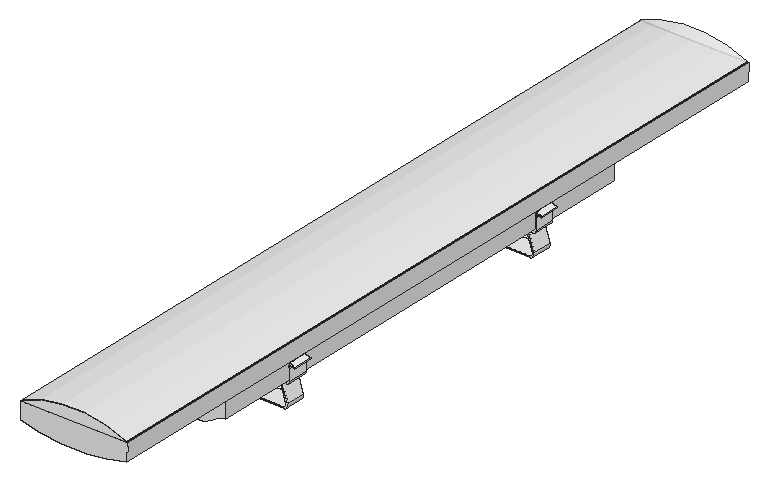
Revit family "Lighting-Industrial-GEWISS-SMART[3]PLUS-WATERTIGHT-LED_OPAL_800mm", category Apparecchi per illuminazione, host Superficie, Revit 2019
Family settings
  Host = Superficie
  Quota connettore circolare = Usa diametro
  Tipo di parte = Normale
  Taglio con vuoti quando caricato = No
  Sorgente d'illuminazione = Sì
  Condiviso = No
  Punto di calcolo locali = No
Parameters (values of type "GWS3123AP957 - SMART3 PLUS 800 T.W.DALI HE OPAL 9 57")
  visibilita etichetta [instance] = yes
  Working temperature = "-25 +50 °C"
  Weight (kg): = ""
  Wattage = 27 W
  Warranty = "5 years"
  Voltage = "220-240 V "
  Version file RFA = "20.0"
  Variazione temperatura colore lampada con luminosità attenuata = (empty or 0)
  URL = "https://www.gewiss.com/ww/en"
  Typology = "DALI"
  Type of light source = "LED - Not replaceable"
  built-in parameter 1150107 = 5700 (stored number, unit not read)
  Technical sheet = "https://www.gewiss.com/ww/en/search?q=GWS3123AP957"
  System power = "26 W"
  Struttura = GEWISS - SMART 3 - GRIGIO
  Stampa 1_200 = no
  Stampa 1_100 = not(Stampa 1_200)  # yes
  Shock resistance = "IK08"
  Shield type = "Opal"
  Schermo. = Gewiss - Led Acceso
  SEO = "Ceiling"
  Realized by GEWISS S.p.A. = ""
  Default Elevation = 1219.2 mm
  Produttore = "GEWISS S.p.A."
  built-in parameter 1150110 = 1 (stored number, unit not read)
  built-in parameter 1150109 = 1 (stored number, unit not read)
  built-in parameter 1114218 = 1 (stored number, unit not read)
  built-in parameter 1150112 = 1 (stored number, unit not read)
  Operating temperature: = "-25 +50 °C"
  Nominal flux (lm) = ""
  No. LED (#) = ""
  Modello = "GWS3123AP957"
  built-in parameter 1150137 = (empty or 0)
  built-in parameter 1150132 = (empty or 0)
  Lunghezza Lampada = 800 mm  # constant formula
  Lumen output (lm) = "2700"
  Length = "800 mm"
  Lampada = "LED"
  Lamp = "LED"
  LED LifeTime (L80B20) = ""
  LED Life time (L80B50) = ""
  LED Life time (L70) = ""
  LED Life Time (L90B50) = ""
  built-in parameter 1150105 = 1406.7 (stored number, unit not read)
  built-in parameter 1150102 = (empty or 0)
  Insulation class = "II"
  Immagine tipo = GWS3118P.jpg
  built-in parameter 1150106 = 14.067 (stored number, unit not read)
  IP degree = "IP66/IP69"
  IFC.TypeObject = ""
  IFC.ExportType = ""
  IFC.ExportAs = ""
  IDT = "19b5daac-664e-44b9-8ac3-cb33faf625fb"
  IDF = "ae53e4e2-e5c7-4ff7-9a9e-bbf61f92d9d9"
  Glow Wire Test = "850°C"
  Ganci = GEWISS  - ALLUMINIO
  Lumens = 4010.63 lm
  Color Filter = 16777215
  File diagramma fotometrico = "GWS3123AP957.IES"
  built-in parameter 1114217 = 1 (stored number, unit not read)
  built-in parameter 1150139 = (empty or 0)
  Failure rate apparecchio (50.000h, Tq=25Â° C) = ""
  Failure rate apparecchio (35.000h, Tq=35Â° C) = ""
  Emetti da lunghezza linea = 700 mm
  Electrocod = "2434"
  Efficiency class of integrated LEDs = "A ÷ A++"
  built-in parameter 1150104 = 13.8 (stored number, unit not read)
  Spostamento_Y_effettivo_etichetta [instance] = 1500 mm - Spostamento_Y_etichetta  # 1500 mm
  Spostamento_X_effettivo_etichetta [instance] = 1500 mm - Spostamento_X_etichetta  # 1500 mm
  Spostamento_Y_etichetta [instance] = 0 mm
  Spostamento_X_etichetta [instance] = 0 mm
  EAN code = ""
  Driver type = ""
  built-in parameter 1150115 = 1 (stored number, unit not read)
  built-in parameter 1150114 = 1 (stored number, unit not read)
  built-in parameter 1150113 = 1 (stored number, unit not read)
  Device with reduced surface temperature = ""
  Descrizione = "SMART3 PLUS 800 T.W.DALI HE OPAL 9 57"
  Commenti sul wattaggio = "27W"
  Colour temperature: = "5700 K (CRI > 90)"
  Colour temperature = "5700 K (CRI > 90)"
  built-in parameter 1150134 = (empty or 0)
  built-in parameter 1150138 = (empty or 0)
  Catalogue Range = "SMART[3] PLUS"
  Catalogue = "LIGHTING"
  Carico apparente = 27 VA
  COBie.Tagnumber = ""
  COBie.CreatedOn = ""
  COBie.CreatebBy = ""
  COBie.ComponentRegisterItemID = ""
  COBie.Component.TagNumber = ""
  COBie.Component.Space = ""
  COBie.Component.SerialNumber = ""
  COBie.Component.InstallationDate = ""
  COBie.Component.Description = ""
  COBie.Component.BarCode = ""
  Application = "Indoor"
  Tilt Angle = -90.00°
  built-in parameter 1150133 = 10 (stored number, unit not read)
Types (24, lengths in mm): name | Wattage | Typology | built-in parameter 1150107 | Technical sheet | System power | Modello | built-in parameter 1150132 | Lumen output (lm) | built-in parameter 1150105 | built-in parameter 1150106 | IDT | Lumens | File diagramma fotometrico | Descrizione | Commenti sul wattaggio | Colour temperature: | Colour temperature | built-in parameter 1150134 | Carico apparente
  GWS3120AP830 - SMART3 PLUS 800 ON/OFF HE OPAL 8 30 | 10.3674 W | "" | 4000 (stored number, unit not read) | "https://www.gewiss.com/ww/en/search?q=GWS3120AP830" | "25 W" | "GWS3120AP830" | 2 | "3200" | 526.2 (stored number, unit not read) | 5.262 (stored number, unit not read) | "41df13f7-a35f-46af-b6b9-4fe07d2042e2" | 1540 lm | "GWS3120AP830.IES" | "SMART3 PLUS 800 ON/OFF HE OPAL 8 30" | "15W" | "3000 K (CRI > 80)" | "3000 K (CRI > 80)" | 12 | 15 VA
  GWS3120AP840 - SMART3 PLUS 800 ON/OFF HE OPAL 8 40 | 27.8321 W | "" | 3000 (stored number, unit not read) | "https://www.gewiss.com/ww/en/search?q=GWS3120AP840" | "25 W" | "GWS3120AP840" | 1 | "3400" | 1450 (stored number, unit not read) | 14.5 (stored number, unit not read) | "68b6bbe2-e4d4-4f10-b2ef-12d389c55e50" | 4134.23 lm | "GWS3120AP840.IES" | "SMART3 PLUS 800 ON/OFF HE OPAL 8 40" | "15W" | "4000 K (CRI > 80)" | "4000 K (CRI > 80)" | (empty or 0) | 15 VA
  GWS3120AP857 - SMART3 PLUS 800 ON/OFF HE OPAL 8 57 | 10.3674 W | "" | 5700 (stored number, unit not read) | "https://www.gewiss.com/ww/en/search?q=GWS3120AP857" | "25 W" | "GWS3120AP857" | 2 | "3400" | 122.55 (stored number, unit not read) | 1.2255 (stored number, unit not read) | "bf7d45e4-363e-44eb-b67e-94a0d55a0067" | 1540 lm | "GWS3120AP857.IES" | "SMART3 PLUS 800 ON/OFF HE OPAL 8 57" | "15W" | "5700 K (CRI > 80)" | "5700 K (CRI > 80)" | (empty or 0) | 15 VA
  GWS3121AP830 - SMART3 PLUS 800 DALI HE OPAL 8 30 | 20.129 W | "DALI" | 4000 (stored number, unit not read) | "https://www.gewiss.com/ww/en/search?q=GWS3121AP830" | "26 W" | "GWS3121AP830" | 2 | "3200" | 1021.7 (stored number, unit not read) | 10.217 (stored number, unit not read) | "6c051478-0f64-4fef-9e80-ecff5013ee92" | 2990 lm | "GWS3121AP830.IES" | "SMART3 PLUS 800 DALI HE OPAL 8 30" | "26W" | "3000 K (CRI > 80)" | "3000 K (CRI > 80)" | 12 | 26 VA
  GWS3121AP940 - SMART3 PLUS 800 DALI HE OPAL 9 40 | 27 W | "DALI" | 3000 (stored number, unit not read) | "https://www.gewiss.com/ww/en/search?q=GWS3121AP940" | "26 W" | "GWS3121AP940" | (empty or 0) | "2700" | 1406.7 (stored number, unit not read) | 14.067 (stored number, unit not read) | "db62efbe-40d5-4e2d-8878-6147976bb04c" | 4010.63 lm | "GWS3121AP940.IES" | "SMART3 PLUS 800 DALI HE OPAL 9 40" | "26W" | "4000 K (CRI > 90)" | "4000 K (CRI > 90)" | (empty or 0) | 26 VA
  GWS3121AP840 - SMART3 PLUS 800 DALI HE OPAL 8 40 | 27 W | "DALI" | 5700 (stored number, unit not read) | "https://www.gewiss.com/ww/en/search?q=GWS3121AP840" | "26 W" | "GWS3121AP840" | 2 | "3400" | 319.16 (stored number, unit not read) | 3.1916 (stored number, unit not read) | "5f3d637b-d916-4b36-93c7-55954645e9e3" | 4010.63 lm | "GWS3121AP840.IES" | "SMART3 PLUS 800 DALI HE OPAL 8 40" | "26W" | "4000 K (CRI > 80)" | "4000 K (CRI > 80)" | (empty or 0) | 26 VA
  GWS3120AP930 - SMART3 PLUS 800 ON/OFF HE OPAL 9 30 | 57.3913 W | "" | 4000 (stored number, unit not read) | "https://www.gewiss.com/ww/en/search?q=GWS3120AP930" | "25 W" | "GWS3120AP930" | 1 | "2500" | 2990 (stored number, unit not read) | 29.9 (stored number, unit not read) | "d5e969d5-ecfc-4b7d-b66d-e9a89e20f0d3" | 8525.02 lm | "GWS3120AP930.IES" | "SMART3 PLUS 800 ON/OFF HE OPAL 9 30" | "18W" | "3000 K (CRI > 90)" | "3000 K (CRI > 90)" | 12 | 18 VA
  GWS3120AP940 - SMART3 PLUS 800 ON/OFF HE OPAL 9 40 | 9.76155 W | "" | 3000 (stored number, unit not read) | "https://www.gewiss.com/ww/en/search?q=GWS3120AP940" | "25 W" | "GWS3120AP940" | 2 | "2700" | 508.56 (stored number, unit not read) | 5.0856 (stored number, unit not read) | "87753b80-d22e-4233-a506-c84448c428cd" | 1450 lm | "GWS3120AP940.IES" | "SMART3 PLUS 800 ON/OFF HE OPAL 9 40" | "18W" | "4000 K (CRI > 90)" | "4000 K (CRI > 90)" | (empty or 0) | 18 VA
  GWS3120AP957 - SMART3 PLUS 800 ON/OFF HE OPAL 9 57 | 10.3674 W | "" | 5700 (stored number, unit not read) | "https://www.gewiss.com/ww/en/search?q=GWS3120AP957" | "25 W" | "GWS3120AP957" | 2 | "2700" | 540.13 (stored number, unit not read) | 5.4013 (stored number, unit not read) | "b307ad47-c02e-497a-9f20-d355821715eb" | 1540 lm | "GWS3120AP957.IES" | "SMART3 PLUS 800 ON/OFF HE OPAL 9 57" | "18W" | "5700 K (CRI > 90)" | "5700 K (CRI > 90)" | (empty or 0) | 18 VA
  GWS3121AP857 - SMART3 PLUS 800 DALI HE OPAL 8 57 | 27.0067 W | "DALI" | 2990 (stored number, unit not read) | "https://www.gewiss.com/ww/en/search?q=GWS3121AP857" | "26 W" | "GWS3121AP857" | 2 | "3400" | 1407 (stored number, unit not read) | 14.07 (stored number, unit not read) | "61efcb1f-1166-44ca-b879-d6ffeb69e147" | 4011.63 lm | "GWS3121AP857.IES" | "SMART3 PLUS 800 DALI HE OPAL 8 57" | "27W" | "5700 K (CRI > 80)" | "5700 K (CRI > 80)" | (empty or 0) | 27 VA
  GWS3121AP930 - SMART3 PLUS 800 DALI HE OPAL 9 30 | 27 W | "DALI" | 3000 (stored number, unit not read) | "https://www.gewiss.com/ww/en/search?q=GWS3121AP930" | "26 W" | "GWS3121AP930" | 2 | "2500" | 1406.7 (stored number, unit not read) | 14.067 (stored number, unit not read) | "901fcc65-4c08-46ac-b4ad-b72ba1a957e4" | 4010.63 lm | "GWS3121AP930.IES" | "SMART3 PLUS 800 DALI HE OPAL 9 30" | "27W" | "3000 K (CRI > 90)" | "3000 K (CRI > 90)" | (empty or 0) | 27 VA
  GWS3121AP957 - SMART3 PLUS 800 DALI HE OPAL 9 57 | 27 W | "DALI" | 5700 (stored number, unit not read) | "https://www.gewiss.com/ww/en/search?q=GWS3121AP957" | "26 W" | "GWS3121AP957" | (empty or 0) | "2700" | 1406.7 (stored number, unit not read) | 14.067 (stored number, unit not read) | "993f22a8-5b78-43a1-b9c3-3b4cf2e8bca6" | 4010.63 lm | "GWS3121AP957.IES" | "SMART3 PLUS 800 DALI HE OPAL 9 57" | "27W" | "5700 K (CRI > 90)" | "5700 K (CRI > 90)" | (empty or 0) | 27 VA
  GWS3122AP830 - SMART3 PLUS 800 T.W.ON/OFF HE OPAL 8 30 | 27 W | "" | 5700 (stored number, unit not read) | "https://www.gewiss.com/ww/en/search?q=GWS3122AP830" | "25 W" | "GWS3122AP830" | (empty or 0) | "3200" | 1406.7 (stored number, unit not read) | 14.067 (stored number, unit not read) | "c40fde0e-cbda-4889-84e4-054f07af26c0" | 4010.63 lm | "GWS3122AP830.IES" | "SMART3 PLUS 800 T.W.ON/OFF HE OPAL 8 30" | "27W" | "3000 K (CRI > 80)" | "3000 K (CRI > 80)" | (empty or 0) | 27 VA
  GWS3122AP840 - SMART3 PLUS 800 T.W.ON/OFF HE OPAL 8 40 | 27 W | "" | 5700 (stored number, unit not read) | "https://www.gewiss.com/ww/en/search?q=GWS3122AP840" | "25 W" | "GWS3122AP840" | (empty or 0) | "3400" | 1406.7 (stored number, unit not read) | 14.067 (stored number, unit not read) | "30f29192-a0b4-47de-9bed-34404bbf8a01" | 4010.63 lm | "GWS3122AP840.IES" | "SMART3 PLUS 800 T.W.ON/OFF HE OPAL 8 40" | "27W" | "4000 K (CRI > 80)" | "4000 K (CRI > 80)" | (empty or 0) | 27 VA
  GWS3122AP857 - SMART3 PLUS 800 T.W.ON/OFF HE OPAL 8 57 | 27 W | "" | 5700 (stored number, unit not read) | "https://www.gewiss.com/ww/en/search?q=GWS3122AP857" | "25 W" | "GWS3122AP857" | (empty or 0) | "3400" | 1406.7 (stored number, unit not read) | 14.067 (stored number, unit not read) | "afe5e3ad-7fe4-4055-aaad-9277677c6417" | 4010.63 lm | "GWS3122AP857.IES" | "SMART3 PLUS 800 T.W.ON/OFF HE OPAL 8 57" | "27W" | "5700 K (CRI > 80)" | "5700 K (CRI > 80)" | (empty or 0) | 27 VA
  GWS3122AP930 - SMART3 PLUS 800 T.W.ON/OFF HE OPAL 9 30 | 27 W | "" | 5700 (stored number, unit not read) | "https://www.gewiss.com/ww/en/search?q=GWS3122AP930" | "25 W" | "GWS3122AP930" | (empty or 0) | "2500" | 1406.7 (stored number, unit not read) | 14.067 (stored number, unit not read) | "dd1aea22-f426-434b-a12c-a83233e72915" | 4010.63 lm | "GWS3122AP930.IES" | "SMART3 PLUS 800 T.W.ON/OFF HE OPAL 9 30" | "27W" | "3000 K (CRI > 90)" | "3000 K (CRI > 90)" | (empty or 0) | 27 VA
  GWS3122AP940 - SMART3 PLUS 800 T.W.ON/OFF HE OPAL 9 40 | 27 W | "" | 5700 (stored number, unit not read) | "https://www.gewiss.com/ww/en/search?q=GWS3122AP940" | "25 W" | "GWS3122AP940" | (empty or 0) | "2700" | 1406.7 (stored number, unit not read) | 14.067 (stored number, unit not read) | "d9c366e7-499f-415b-9192-804a44f70bf1" | 4010.63 lm | "GWS3122AP940.IES" | "SMART3 PLUS 800 T.W.ON/OFF HE OPAL 9 40" | "27W" | "4000 K (CRI > 90)" | "4000 K (CRI > 90)" | (empty or 0) | 27 VA
  GWS3122AP957 - SMART3 PLUS 800 T.W.ON/OFF HE OPAL 9 57 | 27 W | "" | 5700 (stored number, unit not read) | "https://www.gewiss.com/ww/en/search?q=GWS3122AP957" | "25 W" | "GWS3122AP957" | (empty or 0) | "2700" | 1406.7 (stored number, unit not read) | 14.067 (stored number, unit not read) | "a55ce364-830c-4dd1-b528-d51079bef1e1" | 4010.63 lm | "GWS3122AP957.IES" | "SMART3 PLUS 800 T.W.ON/OFF HE OPAL 9 57" | "27W" | "5700 K (CRI > 90)" | "5700 K (CRI > 90)" | (empty or 0) | 27 VA
  GWS3123AP830 - SMART3 PLUS 800 T.W.DALI HE OPAL 8 30 | 27 W | "DALI" | 5700 (stored number, unit not read) | "https://www.gewiss.com/ww/en/search?q=GWS3123AP830" | "26 W" | "GWS3123AP830" | (empty or 0) | "3200" | 1406.7 (stored number, unit not read) | 14.067 (stored number, unit not read) | "74e05751-bccc-4f84-99a1-ba0ac6ee2ecd" | 4010.63 lm | "GWS3123AP830.IES" | "SMART3 PLUS 800 T.W.DALI HE OPAL 8 30" | "27W" | "3000 K (CRI > 80)" | "3000 K (CRI > 80)" | (empty or 0) | 27 VA
  GWS3123AP840 - SMART3 PLUS 800 T.W.DALI HE OPAL 8 40 | 27 W | "DALI" | 5700 (stored number, unit not read) | "https://www.gewiss.com/ww/en/search?q=GWS3123AP840" | "26 W" | "GWS3123AP840" | (empty or 0) | "3400" | 1406.7 (stored number, unit not read) | 14.067 (stored number, unit not read) | "42fe6361-5d30-4e57-a4e4-3b6eb1f38e01" | 4010.63 lm | "GWS3123AP840.IES" | "SMART3 PLUS 800 T.W.DALI HE OPAL 8 40" | "27W" | "4000 K (CRI > 80)" | "4000 K (CRI > 80)" | (empty or 0) | 27 VA
  GWS3123AP857 - SMART3 PLUS 800 T.W.DALI HE OPAL 8 57 | 27 W | "DALI" | 5700 (stored number, unit not read) | "https://www.gewiss.com/ww/en/search?q=GWS3123AP857" | "26 W" | "GWS3123AP857" | (empty or 0) | "3400" | 1406.7 (stored number, unit not read) | 14.067 (stored number, unit not read) | "d6c2e38e-d755-456b-8f21-377f18e15fca" | 4010.63 lm | "GWS3123AP857.IES" | "SMART3 PLUS 800 T.W.DALI HE OPAL 8 57" | "27W" | "5700 K (CRI > 80)" | "5700 K (CRI > 80)" | (empty or 0) | 27 VA
  GWS3123AP930 - SMART3 PLUS 800 T.W.DALI HE OPAL 9 30 | 27 W | "DALI" | 5700 (stored number, unit not read) | "https://www.gewiss.com/ww/en/search?q=GWS3123AP930" | "26 W" | "GWS3123AP930" | (empty or 0) | "2500" | 1406.7 (stored number, unit not read) | 14.067 (stored number, unit not read) | "11e74343-124c-42cd-a2f5-87544f5df28c" | 4010.63 lm | "GWS3123AP930.IES" | "SMART3 PLUS 800 T.W.DALI HE OPAL 9 30" | "27W" | "3000 K (CRI > 90)" | "3000 K (CRI > 90)" | (empty or 0) | 27 VA
  GWS3123AP940 - SMART3 PLUS 800 T.W.DALI HE OPAL 9 40 | 27 W | "DALI" | 5700 (stored number, unit not read) | "https://www.gewiss.com/ww/en/search?q=GWS3123AP940" | "26 W" | "GWS3123AP940" | (empty or 0) | "2700" | 1406.7 (stored number, unit not read) | 14.067 (stored number, unit not read) | "cae3e2e2-b64b-4953-8509-fac4d79f319a" | 4010.63 lm | "GWS3123AP940.IES" | "SMART3 PLUS 800 T.W.DALI HE OPAL 9 40" | "27W" | "4000 K (CRI > 90)" | "4000 K (CRI > 90)" | (empty or 0) | 27 VA
  GWS3123AP957 - SMART3 PLUS 800 T.W.DALI HE OPAL 9 57 | 27 W | "DALI" | 5700 (stored number, unit not read) | "https://www.gewiss.com/ww/en/search?q=GWS3123AP957" | "26 W" | "GWS3123AP957" | (empty or 0) | "2700" | 1406.7 (stored number, unit not read) | 14.067 (stored number, unit not read) | "19b5daac-664e-44b9-8ac3-cb33faf625fb" | 4010.63 lm | "GWS3123AP957.IES" | "SMART3 PLUS 800 T.W.DALI HE OPAL 9 57" | "27W" | "5700 K (CRI > 90)" | "5700 K (CRI > 90)" | (empty or 0) | 27 VA
Reference planes
  plane 1 "Centro (Fronte/Retro)": y = 0
  plane 2: z = 0
  plane 3 "Centro (Sinistra/Destra)": x = 0
  plane 4: x = -1500
  plane 5: y = -1500
  plane 6: y = 0
  plane 7: x = 0
Forms (mm)
  Extrusion 1, solid, material "GEWISS  - ALLUMINIO" <- "Ganci", detail levels medium+fine
    sketch origin (0, 0, 0) x (1, 0, 0) y (0, 0, 1)
      loop
        arc (31.431, -0.002) -> (34.576, 1.589) -> (35.156, 5.066) r 3.903
        line (35.156, 5.066) -> (29.612, 23.211)
        arc (29.612, 23.211) -> (29.883, 24.381) -> (31.032, 24.73) r 1.2
        line (31.032, 24.73) -> (34.307, 23.974)
        arc (34.307, 23.974) -> (36.765, 24.53) -> (37.859, 26.8) r 2.9
        line (37.859, 26.8) -> (37.859, 38.8)
        arc (37.859, 38.8) -> (37.648, 39.694) -> (37.059, 40.4) r 2
        line (37.059, 40.4) -> (37.059, 42.71) -> (42.889, 40.588) -> (43.231, 41.528) -> (37.53, 43.603)
        arc (37.53, 43.603) -> (37.019, 43.613) -> (36.605, 43.311) r 0.8
        line (36.605, 43.311) -> (36.306, 26.139)
        arc (36.306, 26.139) -> (35.6, 25.444) -> (34.616, 25.34) r 1.5
        line (34.616, 25.34) -> (31.344, 26.095)
        arc (31.344, 26.095) -> (28.858, 25.335) -> (28.273, 22.802) r 2.6
        line (28.273, 22.802) -> (33.827, 4.636)
        arc (33.827, 4.636) -> (33.449, 2.415) -> (31.438, 1.4) r 2.5
        line (31.438, 1.4) -> (-31.437, 1.4)
        arc (-31.437, 1.4) -> (-33.449, 2.415) -> (-33.827, 4.636) r 2.5
        line (-33.827, 4.636) -> (-28.273, 22.802)
        arc (-28.273, 22.802) -> (-28.858, 25.335) -> (-31.344, 26.095) r 2.6
        line (-31.344, 26.095) -> (-34.616, 25.34)
        arc (-34.616, 25.34) -> (-35.6, 25.444) -> (-36.306, 26.139) r 1.5
        line (-36.306, 26.139) -> (-36.605, 43.311)
        arc (-36.605, 43.311) -> (-37.019, 43.613) -> (-37.53, 43.603) r 0.8
        line (-37.53, 43.603) -> (-43.203, 41.538) -> (-42.861, 40.598) -> (-37.059, 42.71) -> (-37.059, 40.4)
        arc (-37.059, 40.4) -> (-37.648, 39.694) -> (-37.859, 38.8) r 2
        line (-37.859, 38.8) -> (-37.859, 26.8)
        arc (-37.859, 26.8) -> (-36.765, 24.53) -> (-34.307, 23.974) r 2.9
        line (-34.307, 23.974) -> (-31.032, 24.73)
        arc (-31.032, 24.73) -> (-29.883, 24.381) -> (-29.612, 23.211) r 1.2
        line (-29.612, 23.211) -> (-35.156, 5.066)
        arc (-35.156, 5.066) -> (-34.576, 1.589) -> (-31.431, -0.002) r 3.903
        line (-31.431, -0.002) -> (31.431, -0.002)
    from 148.766 to 168.766
  Extrusion 2, solid, material "GEWISS  - ALLUMINIO" <- "Ganci", detail levels medium+fine
    sketch origin (0, 0, 0) x (1, 0, 0) y (0, 0, -1)
      loop
        line (31.431, 0.002) -> (-31.431, 0.002)
        arc (-31.431, 0.002) -> (-34.576, -1.589) -> (-35.156, -5.066) r 3.903
        line (-35.156, -5.066) -> (-29.612, -23.211)
        arc (-29.612, -23.211) -> (-29.883, -24.381) -> (-31.032, -24.73) r 1.2
        line (-31.032, -24.73) -> (-34.307, -23.974)
        arc (-34.307, -23.974) -> (-36.765, -24.53) -> (-37.859, -26.8) r 2.9
        line (-37.859, -26.8) -> (-37.859, -38.8)
        arc (-37.859, -38.8) -> (-37.648, -39.694) -> (-37.059, -40.4) r 2
        line (-37.059, -40.4) -> (-37.059, -42.71) -> (-42.861, -40.598) -> (-43.203, -41.538) -> (-37.53, -43.603)
        arc (-37.53, -43.603) -> (-37.019, -43.613) -> (-36.605, -43.311) r 0.8
        line (-36.605, -43.311) -> (-36.306, -26.139)
        arc (-36.306, -26.139) -> (-35.6, -25.444) -> (-34.616, -25.34) r 1.5
        line (-34.616, -25.34) -> (-31.344, -26.095)
        arc (-31.344, -26.095) -> (-28.858, -25.335) -> (-28.273, -22.802) r 2.6
        line (-28.273, -22.802) -> (-33.827, -4.636)
        arc (-33.827, -4.636) -> (-33.449, -2.415) -> (-31.437, -1.4) r 2.5
        line (-31.437, -1.4) -> (31.438, -1.4)
        arc (31.438, -1.4) -> (33.449, -2.415) -> (33.827, -4.636) r 2.5
        line (33.827, -4.636) -> (28.273, -22.802)
        arc (28.273, -22.802) -> (28.858, -25.335) -> (31.344, -26.095) r 2.6
        line (31.344, -26.095) -> (34.616, -25.34)
        arc (34.616, -25.34) -> (35.6, -25.444) -> (36.306, -26.139) r 1.5
        line (36.306, -26.139) -> (36.605, -43.311)
        arc (36.605, -43.311) -> (37.019, -43.613) -> (37.53, -43.603) r 0.8
        line (37.53, -43.603) -> (43.203, -41.538) -> (42.861, -40.598) -> (37.059, -42.71) -> (37.059, -40.4)
        arc (37.059, -40.4) -> (37.648, -39.694) -> (37.859, -38.8) r 2
        line (37.859, -38.8) -> (37.859, -26.8)
        arc (37.859, -26.8) -> (36.765, -24.53) -> (34.307, -23.974) r 2.9
        line (34.307, -23.974) -> (31.032, -24.73)
        arc (31.032, -24.73) -> (29.883, -24.381) -> (29.612, -23.211) r 1.2
        line (29.612, -23.211) -> (35.156, -5.066)
        arc (35.156, -5.066) -> (34.576, -1.589) -> (31.431, 0.002) r 3.903
    from 148.766 to 168.766
  Extrusion 3, solid, material "GEWISS - SMART 3 - GRIGIO" <- "Struttura", detail levels medium+fine
    sketch origin (0, 0, 0) x (1, 0, 0) y (0, 0, 1)
      loop
        line (-36.331, 55.757) -> (-35.847, 28.018)
        arc (-35.847, 28.018) -> (-33.139, 27.27) -> (-30.416, 26.58) r 129.5
        arc (-30.416, 26.58) -> (-28.066, 25.76) -> (-25.915, 24.506) r 13
        arc (-25.915, 24.506) -> (-24.23, 23.324) -> (-22.521, 22.178) r 99.5
        arc (-22.521, 22.178) -> (-16.401, 19.063) -> (-9.748, 17.365) r 31.146
        line (-9.748, 17.365) -> (12.491, 17.365)
        arc (12.491, 17.365) -> (17.822, 19.098) -> (22.764, 21.745) r 31.646
        arc (22.764, 21.745) -> (24.509, 22.915) -> (26.228, 24.122) r 100
        arc (26.228, 24.122) -> (28.283, 25.313) -> (30.525, 26.095) r 12.5
        arc (30.525, 26.095) -> (33.437, 26.834) -> (36.332, 27.64) r 130
        line (36.332, 27.64) -> (36.824, 55.851)
        arc (36.824, 55.851) -> (24.914, 53.937) -> (12.909, 52.764) r 195.047
        line (12.909, 52.764) -> (-12.909, 52.764)
        arc (-12.909, 52.764) -> (-24.665, 53.905) -> (-36.331, 55.757) r 195.047
    from -250 to 250
  Extrusion 4, solid, material "GEWISS - SMART 3 - GRIGIO" <- "Struttura", detail levels medium+fine
    sketch origin (0, 0, 0) x (1, 0, 0) y (0, 0, 1)
      loop
        line (54.725, 60.184) -> (55.177, 77.445) -> (-55.177, 77.445) -> (-54.725, 60.184)
        arc (-54.725, 60.184) -> (-34.019, 55.332) -> (-12.909, 52.764) r 195.047
        line (-12.909, 52.764) -> (12.909, 52.764)
        arc (12.909, 52.764) -> (34.019, 55.332) -> (54.725, 60.184) r 195.047
    from -400 to 400
  Extrusion 5, solid, material "Gewiss - Led Acceso" <- "Schermo.", detail levels medium+fine
    sketch origin (0, 0, 0) x (1, 0, 0) y (0, 0, 1)
      loop
        arc (54.697, 78.441) -> (-0.014, 90.457) -> (-54.723, 78.429) r 130.5
        arc (-54.723, 78.429) -> (-54.988, 77.838) -> (-54.5, 77.445) r 0.5
        line (-54.5, 77.445) -> (54.479, 77.445)
        arc (54.479, 77.445) -> (54.988, 77.855) -> (54.697, 78.441) r 0.522
    from -400 to 400
  Extrusion 6, solid, material "GEWISS - SMART 3 - GRIGIO" <- "Struttura", detail levels coarse
    sketch origin (0, 0, 0) x (1, 0, 0) y (0, 0, 1)
      loop
        line (-54.5, 90.439) -> (-54.5, 0) -> (54.5, 0) -> (54.5, 90.439) -> (-54.5, 90.439)
    from -400 to 400
Lines and regions (mm)
  Masking region 1
    outline origin (0, 0, 0) x (1, 0, 0) y (0, 1, 0)
      loop
        line (-55.177, 400) -> (-55.177, -400) -> (55.177, -400) -> (55.177, 400) -> (-55.177, 400)
  model lines, style "GEWISS - LIGHT 2D", not visible
    curve 1: arc (658.224, 441.447, 0) -> (657.902, 441.529, 0) -> (657.571, 441.558, 0) r 1.999
    curve 2: arc (659.744, 439.503, 0) -> (659.172, 440.906, 0) -> (657.781, 441.505, 0) r 1.998
    curve 3: arc (549.391, -356.494, 0) -> (549.963, -357.897, 0) -> (551.356, -358.495, 0) r 1.998
    curve 4: arc (657.744, -358.495, 0) -> (659.181, -357.627, 0) -> (659.745, -356.046, 0) r 2.5
    curve 5: arc (551.891, 441.558, 0) -> (550.123, 440.825, 0) -> (549.391, 439.058, 0) r 2.5
    curve 6: line (657.571, 441.558, 0) -> (604.567, 441.558, 0)
    curve 7: line (604.567, 441.558, 0) -> (551.891, 441.558, 0)
    curve 8: line (551.356, -358.495, 0) -> (604.568, -358.495, 0)
    curve 9: line (604.568, -358.495, 0) -> (657.744, -358.495, 0)
    curve 10: line (659.745, -356.046, 0) -> (659.745, 439.503, 0)
    curve 11: line (657.781, 441.505, 0) -> (604.567, 441.505, 0)
    curve 12: line (549.391, -356.494, 0) -> (549.391, 439.058, 0)
    curve 13: line (604.569, 276.529, 0) -> (604.569, -193.52, 0)
  symbolic lines
    curve 14: line (0, 348.766, 0) -> (0, -351.234, 0)
Dimensions and locks
  plane 4 to plane 3 "Centro (Sinistra/Destra)" = 1500 mm
  plane 5 to plane 1 "Centro (Fronte/Retro)" = 1500 mm
  "Spostamento_Y_effettivo_etichetta": plane 6 to plane 5
  "Spostamento_X_effettivo_etichetta": plane 4 to plane 7
  aligned and locked: plane 2 to host face
  aligned and locked: level to host face
  aligned and locked: Masking region 1 sketch curve to Extrusion 4  (x4)
  aligned and locked: nested 1 to plane 6
  aligned and locked: nested 1 to plane 7
  aligned and locked: curve 14 to plane 7
Automatic sketch dimensions
  host sketch curve to host sketch curve = 2438.4 mm  (x2)
  Extrusion 1 sketch curve to Extrusion 1 sketch curve = 0 mm  (x28)
  Extrusion 1 sketch curve to plane 3 "Centro (Sinistra/Destra)" = 43.203 mm
  level to Extrusion 1 sketch curve = 40.598 mm
  Extrusion 1 sketch curve to Extrusion 1 sketch curve = 0.342 mm  (x2)
  Extrusion 1 sketch curve to Extrusion 1 sketch curve = 5.002 mm
  Extrusion 1 sketch curve to Extrusion 1 sketch curve = 0.329 mm
  Extrusion 1 sketch curve to Extrusion 1 sketch curve = 0.271 mm  (x2)
  Extrusion 1 sketch curve to Extrusion 1 sketch curve = 0.8 mm  (x2)
  Extrusion 1 sketch curve to Extrusion 1 sketch curve = 0.454 mm  (x2)
  Extrusion 1 sketch curve to Extrusion 1 sketch curve = 1.554 mm
  Extrusion 1 sketch curve to Extrusion 1 sketch curve = 2 mm
  level to Extrusion 1 sketch curve = 5.066 mm  (x2)
  Extrusion 1 sketch curve to Extrusion 1 sketch curve = 1.15 mm
  Extrusion 1 sketch curve to Extrusion 1 sketch curve = 1.346 mm  (x2)
  Extrusion 1 sketch curve to Extrusion 1 sketch curve = 0.343 mm  (x2)
  level to Extrusion 1 sketch curve = 4.636 mm  (x2)
  Extrusion 1 sketch curve to Extrusion 1 sketch curve = 1.329 mm  (x2)
  level to Extrusion 1 sketch curve = 1.4 mm
  Extrusion 1 sketch curve to Extrusion 1 sketch curve = 2.389 mm  (x2)
  Extrusion 1 sketch curve to Extrusion 1 sketch curve = 0.007 mm  (x2)
  Extrusion 1 sketch curve to Extrusion 1 sketch curve = 3.584 mm  (x2)
  Extrusion 1 sketch curve to Extrusion 1 sketch curve = 0.273 mm  (x2)
  plane 3 "Centro (Sinistra/Destra)" to Extrusion 1 sketch curve = 30.759 mm
  Extrusion 1 sketch curve to level = 0.002 mm
  Extrusion 1 sketch curve to Extrusion 1 sketch curve = 0.672 mm
  Extrusion 1 sketch curve to Extrusion 1 sketch curve = 0.9 mm
  level to Extrusion 1 sketch curve = 26.139 mm
  Extrusion 1 sketch curve to Extrusion 1 sketch curve = 0.746 mm
  Extrusion 1 sketch curve to Extrusion 1 sketch curve = 0.2 mm
  Extrusion 1 sketch curve to Extrusion 1 sketch curve = 5.029 mm
  Extrusion 1 sketch curve to Extrusion 1 sketch curve = 2.577 mm
  Extrusion 1 sketch curve to Extrusion 1 sketch curve = 18.496 mm
  Extrusion 1 sketch curve to Extrusion 1 sketch curve = 1.169 mm  (x2)
  Extrusion 1 sketch curve to Extrusion 1 sketch curve = 0.609 mm
  Extrusion 1 sketch curve to Extrusion 1 sketch curve = 0.799 mm  (x2)
  Extrusion 1 sketch curve to Extrusion 1 sketch curve = 1.798 mm
  Extrusion 1 sketch curve to Extrusion 1 sketch curve = 12 mm
  Extrusion 1 sketch curve to Extrusion 1 sketch curve = 1.788 mm
  Extrusion 1 sketch curve to Extrusion 1 sketch curve = 0.94 mm  (x2)
  Extrusion 1 sketch curve to Extrusion 1 sketch curve = 0.14 mm  (x2)
  Extrusion 1 sketch curve to Extrusion 1 sketch curve = 0.309 mm  (x2)
  Extrusion 1 sketch curve to Extrusion 1 sketch curve = 0.312 mm  (x2)
  Extrusion 1 sketch curve to Extrusion 1 sketch curve = 1.148 mm  (x2)
  Extrusion 1 sketch curve to Extrusion 1 sketch curve = 1.339 mm
  Extrusion 1 sketch curve to Extrusion 1 sketch curve = 2.486 mm
  Extrusion 1 sketch curve to Extrusion 1 sketch curve = 0.409 mm  (x2)
  Extrusion 2 sketch curve to Extrusion 2 sketch curve = 0 mm  (x28)
  Extrusion 2 sketch curve to plane 3 "Centro (Sinistra/Destra)" = 43.203 mm
  level to Extrusion 2 sketch curve = 40.598 mm
  Extrusion 2 sketch curve to Extrusion 2 sketch curve = 0.342 mm  (x2)
  Extrusion 2 sketch curve to Extrusion 2 sketch curve = 5.002 mm  (x2)
  Extrusion 2 sketch curve to Extrusion 2 sketch curve = 0.329 mm
  Extrusion 2 sketch curve to Extrusion 2 sketch curve = 0.271 mm  (x2)
  Extrusion 2 sketch curve to Extrusion 2 sketch curve = 0.8 mm  (x2)
  Extrusion 2 sketch curve to Extrusion 2 sketch curve = 0.454 mm  (x2)
  Extrusion 2 sketch curve to Extrusion 2 sketch curve = 1.554 mm
  Extrusion 2 sketch curve to Extrusion 2 sketch curve = 2 mm
  level to Extrusion 2 sketch curve = 5.066 mm  (x2)
  Extrusion 2 sketch curve to Extrusion 2 sketch curve = 1.15 mm
  Extrusion 2 sketch curve to Extrusion 2 sketch curve = 1.346 mm  (x2)
  Extrusion 2 sketch curve to Extrusion 2 sketch curve = 0.343 mm  (x2)
  level to Extrusion 2 sketch curve = 4.636 mm  (x2)
  Extrusion 2 sketch curve to Extrusion 2 sketch curve = 1.329 mm  (x2)
  level to Extrusion 2 sketch curve = 1.4 mm
  Extrusion 2 sketch curve to Extrusion 2 sketch curve = 2.389 mm  (x2)
  Extrusion 2 sketch curve to Extrusion 2 sketch curve = 0.007 mm  (x2)
  Extrusion 2 sketch curve to Extrusion 2 sketch curve = 3.584 mm  (x2)
  Extrusion 2 sketch curve to Extrusion 2 sketch curve = 0.273 mm  (x2)
  plane 3 "Centro (Sinistra/Destra)" to Extrusion 2 sketch curve = 30.759 mm
  Extrusion 2 sketch curve to level = 0.002 mm
  Extrusion 2 sketch curve to Extrusion 2 sketch curve = 0.672 mm
  Extrusion 2 sketch curve to Extrusion 2 sketch curve = 0.9 mm
  level to Extrusion 2 sketch curve = 26.139 mm
  Extrusion 2 sketch curve to Extrusion 2 sketch curve = 0.746 mm
  Extrusion 2 sketch curve to Extrusion 2 sketch curve = 0.2 mm
  Extrusion 2 sketch curve to Extrusion 2 sketch curve = 14.46 mm
  Extrusion 2 sketch curve to Extrusion 2 sketch curve = 0.94 mm  (x2)
  Extrusion 2 sketch curve to Extrusion 2 sketch curve = 0.14 mm  (x2)
  Extrusion 2 sketch curve to Extrusion 2 sketch curve = 2.31 mm  (x2)
  Extrusion 2 sketch curve to Extrusion 2 sketch curve = 12 mm
  Extrusion 2 sketch curve to Extrusion 2 sketch curve = 0.661 mm  (x2)
  Extrusion 2 sketch curve to Extrusion 2 sketch curve = 0.609 mm  (x2)
  Extrusion 2 sketch curve to Extrusion 2 sketch curve = 1.169 mm  (x2)
  Extrusion 2 sketch curve to Extrusion 2 sketch curve = 0.309 mm  (x2)
  Extrusion 2 sketch curve to Extrusion 2 sketch curve = 0.312 mm  (x2)
  Extrusion 2 sketch curve to Extrusion 2 sketch curve = 1.148 mm  (x2)
  Extrusion 2 sketch curve to Extrusion 2 sketch curve = 1.339 mm
  Extrusion 2 sketch curve to Extrusion 2 sketch curve = 2.486 mm
  Extrusion 2 sketch curve to Extrusion 2 sketch curve = 1.365 mm  (x2)
  Extrusion 3 sketch curve to plane 3 "Centro (Sinistra/Destra)" = 36.331 mm
  Extrusion 3 sketch curve to Extrusion 3 sketch curve = 0.484 mm
  Extrusion 3 sketch curve to Extrusion 3 sketch curve = 2.34 mm
  Extrusion 3 sketch curve to plane 3 "Centro (Sinistra/Destra)" = 32.068 mm
  Extrusion 3 sketch curve to plane 3 "Centro (Sinistra/Destra)" = 12.909 mm
  Extrusion 3 sketch curve to plane 3 "Centro (Sinistra/Destra)" = 9.748 mm
  Extrusion 3 sketch curve to plane 3 "Centro (Sinistra/Destra)" = 5.421 mm
  Extrusion 3 sketch curve to plane 3 "Centro (Sinistra/Destra)" = 0.057 mm
  Extrusion 3 sketch curve to plane 3 "Centro (Sinistra/Destra)" = 0.007 mm
  Extrusion 3 sketch curve to plane 3 "Centro (Sinistra/Destra)" = 0.001 mm
  plane 3 "Centro (Sinistra/Destra)" to Extrusion 3 sketch curve = 0.057 mm
  plane 3 "Centro (Sinistra/Destra)" to Extrusion 3 sketch curve = 5.412 mm
  plane 3 "Centro (Sinistra/Destra)" to Extrusion 3 sketch curve = 12.491 mm
  Extrusion 3 sketch curve to Extrusion 3 sketch curve = 7.496 mm
  plane 3 "Centro (Sinistra/Destra)" to Extrusion 3 sketch curve = 32.059 mm
  Extrusion 3 sketch curve to Extrusion 3 sketch curve = 21.008 mm
  Extrusion 3 sketch curve to Extrusion 3 sketch curve = 2.833 mm
  Extrusion 3 sketch curve to Extrusion 3 sketch curve = 23.916 mm
  level to Extrusion 3 sketch curve = 13.953 mm  (x2)
  level to Extrusion 3 sketch curve = 17.365 mm  (x2)
  Extrusion 3 sketch curve to Extrusion 3 sketch curve = 13.687 mm
  Extrusion 3 sketch curve to Extrusion 3 sketch curve = 14.064 mm
  Extrusion 3 sketch curve to Extrusion 3 sketch curve = 30.844 mm
  Extrusion 3 sketch curve to Extrusion 3 sketch curve = 0 mm  (x3)
  Extrusion 3 sketch curve to Extrusion 3 sketch curve = 4.555 mm
  Extrusion 3 sketch curve to Extrusion 3 sketch curve = 2.993 mm
  Extrusion 3 sketch curve to Extrusion 3 sketch curve = 3.087 mm
  Extrusion 3 sketch curve to Extrusion 3 sketch curve = 49.52 mm
  Extrusion 3 sketch curve to Extrusion 3 sketch curve = 49.615 mm
  Extrusion 3 sketch curve to Extrusion 3 sketch curve = 47.089 mm
  Extrusion 3 sketch curve to Extrusion 3 sketch curve = 5.431 mm
  Extrusion 3 sketch curve to Extrusion 3 sketch curve = 4.5 mm
  Extrusion 3 sketch curve to Extrusion 3 sketch curve = 10.273 mm
  Extrusion 3 sketch curve to Extrusion 3 sketch curve = 3.465 mm
  Extrusion 3 sketch curve to Extrusion 3 sketch curve = 4.297 mm
  Extrusion 4 sketch curve to plane 3 "Centro (Sinistra/Destra)" = 55.177 mm
  Extrusion 4 sketch curve to Extrusion 4 sketch curve = 0.452 mm  (x2)
  Extrusion 4 sketch curve to plane 3 "Centro (Sinistra/Destra)" = 12.909 mm
  Extrusion 4 sketch curve to plane 3 "Centro (Sinistra/Destra)" = 0.057 mm
  plane 3 "Centro (Sinistra/Destra)" to Extrusion 4 sketch curve = 0.057 mm
  plane 3 "Centro (Sinistra/Destra)" to Extrusion 4 sketch curve = 12.909 mm
  Extrusion 4 sketch curve to Extrusion 4 sketch curve = 41.816 mm
  level to Extrusion 4 sketch curve = 52.764 mm
  Extrusion 4 sketch curve to Extrusion 4 sketch curve = 7.42 mm  (x2)
  Extrusion 4 sketch curve to Extrusion 4 sketch curve = 17.262 mm
  Extrusion 5 sketch curve to plane 3 "Centro (Sinistra/Destra)" = 0 mm
  Extrusion 5 sketch curve to plane 3 "Centro (Sinistra/Destra)" = 54.5 mm
  plane 3 "Centro (Sinistra/Destra)" to Extrusion 5 sketch curve = 54.479 mm
  Extrusion 5 sketch curve to level = 40.043 mm
  level to Extrusion 5 sketch curve = 77.445 mm
  Extrusion 5 sketch curve to Extrusion 5 sketch curve = 0.5 mm
  Extrusion 5 sketch curve to Extrusion 5 sketch curve = 0.522 mm
  Extrusion 5 sketch curve to Extrusion 5 sketch curve = 0.21 mm
  Extrusion 5 sketch curve to Extrusion 5 sketch curve = 0.014 mm
  Extrusion 5 sketch curve to Extrusion 5 sketch curve = 0 mm
  Extrusion 6 sketch curve to level = 0 mm
  Extrusion 6 sketch curve to plane 3 "Centro (Sinistra/Destra)" = 54.5 mm
  plane 3 "Centro (Sinistra/Destra)" to Extrusion 6 sketch curve = 54.5 mm
  Extrusion 6 sketch curve to Extrusion 6 sketch curve = 90.439 mm
  plane 1 "Centro (Fronte/Retro)" to curve 14 = 351.234 mm
  curve 14 to plane 1 "Centro (Fronte/Retro)" = 348.766 mm
Nested families
  nested 1: "ETICHETTA WATTAGGIO" at (0, 0, 0), visible <- "visibilita etichetta", type "ETICHETTA WATTAGGIO"
Connectors
  electrical at (0, 0, 0), driven by "Carico apparente"
    settings: on Masking region 1, index 1, voltage 230 V, apparent load 0 VA, apparent load phase1 27 VA, apparent load phase2 0 VA, apparent load phase3 0 VA, power factor 1, load classification "Illuminazione", number of poles 2, system type 31, power factor state 1, is connector primary yes, connector utility no, sub classification motor no, connector description ""
Definition of nested family "ETICHETTA WATTAGGIO"
  Parameters (values of type "ETICHETTA WATTAGGIO")
    GW - Potenza di sistema = ""
    GW - Numero LED = ""
    COMMENTI = "13W"
    1_200 = no
    1_100 = yes
  Reference planes
    plane 1: y = 0
    plane 2: x = 0
  Text (mm)
    label "GW - Potenza di sistema\nGW - Numero LED LED" at (-0.057, -0.214, 0), shows "GW - Potenza di sistema", "GW - Numero LED", visible <- "1_100"
    label "GW - Potenza di sistema\nGW - Numero LED LED " at (-0.057, -0.214, 0), shows "GW - Potenza di sistema", "GW - Numero LED", visible <- "1_200"
